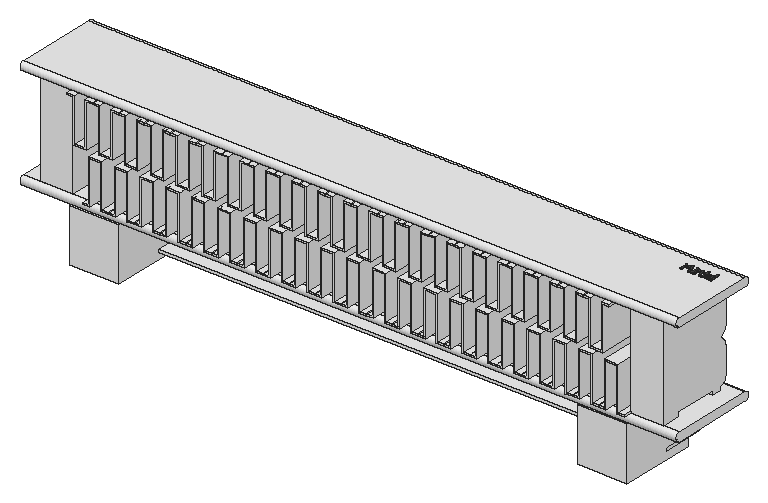
Revit family "Runtal R2F-1", category Mechanical Equipment, host Face, Revit 2015 (continued)
Definition of nested family "Family Grilles"
  Lines and regions (mm)
    model lines
      curve 143: circle (210.82, 14.605, 0) r 1.27 normal (0, 0, 1)
      curve 144: circle (210.82, 5.715, 0) r 1.27 normal (0, 0, 1)
      curve 145: circle (215.9, 23.495, 0) r 1.27 normal (0, 0, 1)
      curve 146: circle (215.9, 14.605, 0) r 1.27 normal (0, 0, 1)
      curve 147: circle (215.9, 5.715, 0) r 1.27 normal (0, 0, 1)
      curve 148: circle (220.98, 23.495, 0) r 1.27 normal (0, 0, 1)
      curve 149: circle (220.98, 14.605, 0) r 1.27 normal (0, 0, 1)
      curve 150: circle (220.98, 5.715, 0) r 1.27 normal (0, 0, 1)
      curve 151: circle (226.06, 23.495, 0) r 1.27 normal (0, 0, 1)
      curve 152: circle (226.06, 14.605, 0) r 1.27 normal (0, 0, 1)
      curve 153: circle (226.06, 5.715, 0) r 1.27 normal (0, 0, 1)
      curve 154: circle (231.14, 23.495, 0) r 1.27 normal (0, 0, 1)
      curve 155: circle (231.14, 14.605, 0) r 1.27 normal (0, 0, 1)
      curve 156: circle (231.14, 5.715, 0) r 1.27 normal (0, 0, 1)
      curve 157: circle (236.22, 23.495, 0) r 1.27 normal (0, 0, 1)
      curve 158: circle (236.22, 14.605, 0) r 1.27 normal (0, 0, 1)
      curve 159: circle (236.22, 5.715, 0) r 1.27 normal (0, 0, 1)
      curve 160: circle (241.3, 23.495, 0) r 1.27 normal (0, 0, 1)
      curve 161: circle (241.3, 14.605, 0) r 1.27 normal (0, 0, 1)
      curve 162: circle (241.3, 5.715, 0) r 1.27 normal (0, 0, 1)
      curve 163: circle (246.38, 23.495, 0) r 1.27 normal (0, 0, 1)
      curve 164: circle (246.38, 14.605, 0) r 1.27 normal (0, 0, 1)
      curve 165: circle (246.38, 5.715, 0) r 1.27 normal (0, 0, 1)
      curve 166: circle (251.46, 23.495, 0) r 1.27 normal (0, 0, 1)
      curve 167: circle (251.46, 14.605, 0) r 1.27 normal (0, 0, 1)
      curve 168: circle (251.46, 5.715, 0) r 1.27 normal (0, 0, 1)
      curve 169: circle (256.54, 23.495, 0) r 1.27 normal (0, 0, 1)
      curve 170: circle (256.54, 14.605, 0) r 1.27 normal (0, 0, 1)
      curve 171: circle (256.54, 5.715, 0) r 1.27 normal (0, 0, 1)
      curve 172: circle (261.62, 23.495, 0) r 1.27 normal (0, 0, 1)
      curve 173: circle (261.62, 14.605, 0) r 1.27 normal (0, 0, 1)
      curve 174: circle (261.62, 5.715, 0) r 1.27 normal (0, 0, 1)
      curve 175: circle (266.7, 23.495, 0) r 1.27 normal (0, 0, 1)
      curve 176: circle (266.7, 14.605, 0) r 1.27 normal (0, 0, 1)
      curve 177: circle (266.7, 5.715, 0) r 1.27 normal (0, 0, 1)
      curve 178: circle (271.78, 23.495, 0) r 1.27 normal (0, 0, 1)
      curve 179: circle (271.78, 14.605, 0) r 1.27 normal (0, 0, 1)
      curve 180: circle (271.78, 5.715, 0) r 1.27 normal (0, 0, 1)
      curve 181: circle (276.86, 23.495, 0) r 1.27 normal (0, 0, 1)
      curve 182: circle (276.86, 14.605, 0) r 1.27 normal (0, 0, 1)
      curve 183: circle (276.86, 5.715, 0) r 1.27 normal (0, 0, 1)
      curve 184: circle (281.94, 23.495, 0) r 1.27 normal (0, 0, 1)
      curve 185: circle (281.94, 14.605, 0) r 1.27 normal (0, 0, 1)
      curve 186: circle (281.94, 5.715, 0) r 1.27 normal (0, 0, 1)
      curve 187: circle (287.02, 23.495, 0) r 1.27 normal (0, 0, 1)
      curve 188: circle (287.02, 14.605, 0) r 1.27 normal (0, 0, 1)
      curve 189: circle (287.02, 5.715, 0) r 1.27 normal (0, 0, 1)
      curve 190: circle (292.1, 23.495, 0) r 1.27 normal (0, 0, 1)
      curve 191: circle (292.1, 14.605, 0) r 1.27 normal (0, 0, 1)
      curve 192: circle (292.1, 5.715, 0) r 1.27 normal (0, 0, 1)
      curve 193: circle (297.18, 23.495, 0) r 1.27 normal (0, 0, 1)
      curve 194: circle (297.18, 14.605, 0) r 1.27 normal (0, 0, 1)
      curve 195: circle (297.18, 5.715, 0) r 1.27 normal (0, 0, 1)
      curve 196: circle (302.26, 23.495, 0) r 1.27 normal (0, 0, 1)
      curve 197: circle (302.26, 14.605, 0) r 1.27 normal (0, 0, 1)
      curve 198: circle (302.26, 5.715, 0) r 1.27 normal (0, 0, 1)
      curve 199: circle (307.34, 23.495, 0) r 1.27 normal (0, 0, 1)
      curve 200: circle (307.34, 14.605, 0) r 1.27 normal (0, 0, 1)
      curve 201: circle (307.34, 5.715, 0) r 1.27 normal (0, 0, 1)
      curve 202: circle (312.42, 23.495, 0) r 1.27 normal (0, 0, 1)
      curve 203: circle (312.42, 14.605, 0) r 1.27 normal (0, 0, 1)
      curve 204: circle (312.42, 5.715, 0) r 1.27 normal (0, 0, 1)
      curve 205: circle (317.5, 23.495, 0) r 1.27 normal (0, 0, 1)
      curve 206: circle (317.5, 14.605, 0) r 1.27 normal (0, 0, 1)
      curve 207: circle (317.5, 5.715, 0) r 1.27 normal (0, 0, 1)
      curve 208: circle (322.58, 23.495, 0) r 1.27 normal (0, 0, 1)
      curve 209: circle (322.58, 14.605, 0) r 1.27 normal (0, 0, 1)
      curve 210: circle (322.58, 5.715, 0) r 1.27 normal (0, 0, 1)
      curve 211: circle (327.66, 23.495, 0) r 1.27 normal (0, 0, 1)
      curve 212: circle (327.66, 14.605, 0) r 1.27 normal (0, 0, 1)
      curve 213: circle (327.66, 5.715, 0) r 1.27 normal (0, 0, 1)
      curve 214: circle (332.74, 23.495, 0) r 1.27 normal (0, 0, 1)
      curve 215: circle (332.74, 14.605, 0) r 1.27 normal (0, 0, 1)
      curve 216: circle (332.74, 5.715, 0) r 1.27 normal (0, 0, 1)
      curve 217: circle (337.82, 23.495, 0) r 1.27 normal (0, 0, 1)
      curve 218: circle (337.82, 14.605, 0) r 1.27 normal (0, 0, 1)
      curve 219: circle (337.82, 5.715, 0) r 1.27 normal (0, 0, 1)
      curve 220: circle (342.9, 23.495, 0) r 1.27 normal (0, 0, 1)
      curve 221: circle (342.9, 14.605, 0) r 1.27 normal (0, 0, 1)
      curve 222: circle (342.9, 5.715, 0) r 1.27 normal (0, 0, 1)
      curve 223: circle (347.98, 23.495, 0) r 1.27 normal (0, 0, 1)
      curve 224: circle (347.98, 14.605, 0) r 1.27 normal (0, 0, 1)
      curve 225: circle (347.98, 5.715, 0) r 1.27 normal (0, 0, 1)
      curve 226: circle (353.06, 23.495, 0) r 1.27 normal (0, 0, 1)
      curve 227: circle (353.06, 14.605, 0) r 1.27 normal (0, 0, 1)
      curve 228: circle (353.06, 5.715, 0) r 1.27 normal (0, 0, 1)
      curve 229: circle (358.14, 23.495, 0) r 1.27 normal (0, 0, 1)
      curve 230: circle (358.14, 14.605, 0) r 1.27 normal (0, 0, 1)
      curve 231: circle (358.14, 5.715, 0) r 1.27 normal (0, 0, 1)
      curve 232: circle (363.22, 23.495, 0) r 1.27 normal (0, 0, 1)
      curve 233: circle (363.22, 14.605, 0) r 1.27 normal (0, 0, 1)
      curve 234: circle (363.22, 5.715, 0) r 1.27 normal (0, 0, 1)
      curve 235: circle (368.3, 23.495, 0) r 1.27 normal (0, 0, 1)
      curve 236: circle (368.3, 14.605, 0) r 1.27 normal (0, 0, 1)
      curve 237: circle (368.3, 5.715, 0) r 1.27 normal (0, 0, 1)
      curve 238: circle (373.38, 23.495, 0) r 1.27 normal (0, 0, 1)
      curve 239: circle (373.38, 14.605, 0) r 1.27 normal (0, 0, 1)
      curve 240: circle (373.38, 5.715, 0) r 1.27 normal (0, 0, 1)
      curve 241: circle (378.46, 23.495, 0) r 1.27 normal (0, 0, 1)
      curve 242: circle (378.46, 14.605, 0) r 1.27 normal (0, 0, 1)
      curve 243: circle (378.46, 5.715, 0) r 1.27 normal (0, 0, 1)
      curve 244: circle (383.54, 23.495, 0) r 1.27 normal (0, 0, 1)
      curve 245: circle (383.54, 14.605, 0) r 1.27 normal (0, 0, 1)
      curve 246: circle (383.54, 5.715, 0) r 1.27 normal (0, 0, 1)
      curve 247: circle (388.62, 23.495, 0) r 1.27 normal (0, 0, 1)
      curve 248: circle (388.62, 14.605, 0) r 1.27 normal (0, 0, 1)
      curve 249: circle (388.62, 5.715, 0) r 1.27 normal (0, 0, 1)
      curve 250: circle (393.7, 23.495, 0) r 1.27 normal (0, 0, 1)
      curve 251: circle (393.7, 14.605, 0) r 1.27 normal (0, 0, 1)
      curve 252: circle (393.7, 5.715, 0) r 1.27 normal (0, 0, 1)
      curve 253: circle (398.78, 23.495, 0) r 1.27 normal (0, 0, 1)
      curve 254: circle (398.78, 14.605, 0) r 1.27 normal (0, 0, 1)
      curve 255: circle (398.78, 5.715, 0) r 1.27 normal (0, 0, 1)
      curve 256: circle (403.86, 23.495, 0) r 1.27 normal (0, 0, 1)
      curve 257: circle (403.86, 14.605, 0) r 1.27 normal (0, 0, 1)
      curve 258: circle (403.86, 5.715, 0) r 1.27 normal (0, 0, 1)
      curve 259: circle (408.94, 23.495, 0) r 1.27 normal (0, 0, 1)
      curve 260: circle (408.94, 14.605, 0) r 1.27 normal (0, 0, 1)
      curve 261: circle (408.94, 5.715, 0) r 1.27 normal (0, 0, 1)
      curve 262: circle (414.02, 23.495, 0) r 1.27 normal (0, 0, 1)
      curve 263: circle (414.02, 14.605, 0) r 1.27 normal (0, 0, 1)
      curve 264: circle (414.02, 5.715, 0) r 1.27 normal (0, 0, 1)
      curve 265: circle (419.1, 23.495, 0) r 1.27 normal (0, 0, 1)
      curve 266: circle (419.1, 14.605, 0) r 1.27 normal (0, 0, 1)
      curve 267: circle (419.1, 5.715, 0) r 1.27 normal (0, 0, 1)
      curve 268: circle (424.18, 23.495, 0) r 1.27 normal (0, 0, 1)
      curve 269: circle (424.18, 14.605, 0) r 1.27 normal (0, 0, 1)
      curve 270: circle (424.18, 5.715, 0) r 1.27 normal (0, 0, 1)
      curve 271: circle (429.26, 23.495, 0) r 1.27 normal (0, 0, 1)
      curve 272: circle (429.26, 14.605, 0) r 1.27 normal (0, 0, 1)
      curve 273: circle (429.26, 5.715, 0) r 1.27 normal (0, 0, 1)
      curve 274: circle (25.4, 19.05, 0) r 1.27 normal (0, 0, 1)
      curve 275: circle (25.4, 10.16, 0) r 1.27 normal (0, 0, 1)
      curve 276: circle (25.4, 1.27, 0) r 1.27 normal (0, 0, 1)
      curve 277: circle (30.48, 19.05, 0) r 1.27 normal (0, 0, 1)
      curve 278: circle (30.48, 10.16, 0) r 1.27 normal (0, 0, 1)
      curve 279: circle (30.48, 1.27, 0) r 1.27 normal (0, 0, 1)
      curve 280: circle (35.56, 19.05, 0) r 1.27 normal (0, 0, 1)
      curve 281: circle (35.56, 10.16, 0) r 1.27 normal (0, 0, 1)
      curve 282: circle (35.56, 1.27, 0) r 1.27 normal (0, 0, 1)
      curve 283: circle (40.64, 19.05, 0) r 1.27 normal (0, 0, 1)
      curve 284: circle (40.64, 10.16, 0) r 1.27 normal (0, 0, 1)
      curve 285: circle (40.64, 1.27, 0) r 1.27 normal (0, 0, 1)
      curve 286: circle (45.72, 19.05, 0) r 1.27 normal (0, 0, 1)
      curve 287: circle (45.72, 10.16, 0) r 1.27 normal (0, 0, 1)
      curve 288: circle (45.72, 1.27, 0) r 1.27 normal (0, 0, 1)
      curve 289: circle (50.8, 19.05, 0) r 1.27 normal (0, 0, 1)
      curve 290: circle (50.8, 10.16, 0) r 1.27 normal (0, 0, 1)
      curve 291: circle (50.8, 1.27, 0) r 1.27 normal (0, 0, 1)
      curve 292: circle (55.88, 19.05, 0) r 1.27 normal (0, 0, 1)
      curve 293: circle (55.88, 10.16, 0) r 1.27 normal (0, 0, 1)
      curve 294: circle (55.88, 1.27, 0) r 1.27 normal (0, 0, 1)
      curve 295: circle (60.96, 19.05, 0) r 1.27 normal (0, 0, 1)
      curve 296: circle (60.96, 10.16, 0) r 1.27 normal (0, 0, 1)
      curve 297: circle (60.96, 1.27, 0) r 1.27 normal (0, 0, 1)
      curve 298: circle (66.04, 19.05, 0) r 1.27 normal (0, 0, 1)
      curve 299: circle (66.04, 10.16, 0) r 1.27 normal (0, 0, 1)
      curve 300: circle (66.04, 1.27, 0) r 1.27 normal (0, 0, 1)
      curve 301: circle (71.12, 19.05, 0) r 1.27 normal (0, 0, 1)
      curve 302: circle (71.12, 10.16, 0) r 1.27 normal (0, 0, 1)
      curve 303: circle (71.12, 1.27, 0) r 1.27 normal (0, 0, 1)
      curve 304: circle (76.2, 19.05, 0) r 1.27 normal (0, 0, 1)
      curve 305: circle (76.2, 10.16, 0) r 1.27 normal (0, 0, 1)
      curve 306: circle (76.2, 1.27, 0) r 1.27 normal (0, 0, 1)
      curve 307: circle (81.28, 19.05, 0) r 1.27 normal (0, 0, 1)
      curve 308: circle (81.28, 10.16, 0) r 1.27 normal (0, 0, 1)
      curve 309: circle (81.28, 1.27, 0) r 1.27 normal (0, 0, 1)
      curve 310: circle (86.36, 19.05, 0) r 1.27 normal (0, 0, 1)
      curve 311: circle (86.36, 10.16, 0) r 1.27 normal (0, 0, 1)
      curve 312: circle (86.36, 1.27, 0) r 1.27 normal (0, 0, 1)
      curve 313: circle (91.44, 19.05, 0) r 1.27 normal (0, 0, 1)
      curve 314: circle (91.44, 10.16, 0) r 1.27 normal (0, 0, 1)
      curve 315: circle (91.44, 1.27, 0) r 1.27 normal (0, 0, 1)
      curve 316: circle (96.52, 19.05, 0) r 1.27 normal (0, 0, 1)
      curve 317: circle (96.52, 10.16, 0) r 1.27 normal (0, 0, 1)
      curve 318: circle (96.52, 1.27, 0) r 1.27 normal (0, 0, 1)
      curve 319: circle (101.6, 19.05, 0) r 1.27 normal (0, 0, 1)
      curve 320: circle (101.6, 10.16, 0) r 1.27 normal (0, 0, 1)
      curve 321: circle (101.6, 1.27, 0) r 1.27 normal (0, 0, 1)
      curve 322: circle (106.68, 19.05, 0) r 1.27 normal (0, 0, 1)
      curve 323: circle (106.68, 10.16, 0) r 1.27 normal (0, 0, 1)
      curve 324: circle (106.68, 1.27, 0) r 1.27 normal (0, 0, 1)
      curve 325: circle (111.76, 19.05, 0) r 1.27 normal (0, 0, 1)
      curve 326: circle (111.76, 10.16, 0) r 1.27 normal (0, 0, 1)
      curve 327: circle (111.76, 1.27, 0) r 1.27 normal (0, 0, 1)
      curve 328: circle (116.84, 19.05, 0) r 1.27 normal (0, 0, 1)
      curve 329: circle (116.84, 10.16, 0) r 1.27 normal (0, 0, 1)
      curve 330: circle (116.84, 1.27, 0) r 1.27 normal (0, 0, 1)
      curve 331: circle (121.92, 19.05, 0) r 1.27 normal (0, 0, 1)
      curve 332: circle (121.92, 10.16, 0) r 1.27 normal (0, 0, 1)
      curve 333: circle (121.92, 1.27, 0) r 1.27 normal (0, 0, 1)
      curve 334: circle (127, 19.05, 0) r 1.27 normal (0, 0, 1)
      curve 335: circle (127, 10.16, 0) r 1.27 normal (0, 0, 1)
      curve 336: circle (127, 1.27, 0) r 1.27 normal (0, 0, 1)
      curve 337: circle (132.08, 19.05, 0) r 1.27 normal (0, 0, 1)
      curve 338: circle (132.08, 10.16, 0) r 1.27 normal (0, 0, 1)
      curve 339: circle (132.08, 1.27, 0) r 1.27 normal (0, 0, 1)
      curve 340: circle (137.16, 19.05, 0) r 1.27 normal (0, 0, 1)
      curve 341: circle (137.16, 10.16, 0) r 1.27 normal (0, 0, 1)
      curve 342: circle (137.16, 1.27, 0) r 1.27 normal (0, 0, 1)
      curve 343: circle (142.24, 19.05, 0) r 1.27 normal (0, 0, 1)
      curve 344: circle (142.24, 10.16, 0) r 1.27 normal (0, 0, 1)
      curve 345: circle (142.24, 1.27, 0) r 1.27 normal (0, 0, 1)
      curve 346: circle (147.32, 19.05, 0) r 1.27 normal (0, 0, 1)
      curve 347: circle (147.32, 10.16, 0) r 1.27 normal (0, 0, 1)
      curve 348: circle (147.32, 1.27, 0) r 1.27 normal (0, 0, 1)
      curve 349: circle (152.4, 19.05, 0) r 1.27 normal (0, 0, 1)
      curve 350: circle (152.4, 10.16, 0) r 1.27 normal (0, 0, 1)
      curve 351: circle (152.4, 1.27, 0) r 1.27 normal (0, 0, 1)
      curve 352: circle (157.48, 19.05, 0) r 1.27 normal (0, 0, 1)
      curve 353: circle (157.48, 10.16, 0) r 1.27 normal (0, 0, 1)
      curve 354: circle (157.48, 1.27, 0) r 1.27 normal (0, 0, 1)
      curve 355: circle (162.56, 19.05, 0) r 1.27 normal (0, 0, 1)
      curve 356: circle (162.56, 10.16, 0) r 1.27 normal (0, 0, 1)
      curve 357: circle (162.56, 1.27, 0) r 1.27 normal (0, 0, 1)
      curve 358: circle (167.64, 19.05, 0) r 1.27 normal (0, 0, 1)
      curve 359: circle (167.64, 10.16, 0) r 1.27 normal (0, 0, 1)
      curve 360: circle (167.64, 1.27, 0) r 1.27 normal (0, 0, 1)
      curve 361: circle (172.72, 19.05, 0) r 1.27 normal (0, 0, 1)
      curve 362: circle (172.72, 10.16, 0) r 1.27 normal (0, 0, 1)
      curve 363: circle (172.72, 1.27, 0) r 1.27 normal (0, 0, 1)
      curve 364: circle (177.8, 19.05, 0) r 1.27 normal (0, 0, 1)
      curve 365: circle (177.8, 10.16, 0) r 1.27 normal (0, 0, 1)
      curve 366: circle (177.8, 1.27, 0) r 1.27 normal (0, 0, 1)
      curve 367: circle (182.88, 19.05, 0) r 1.27 normal (0, 0, 1)
      curve 368: circle (182.88, 10.16, 0) r 1.27 normal (0, 0, 1)
      curve 369: circle (182.88, 1.27, 0) r 1.27 normal (0, 0, 1)
      curve 370: circle (187.96, 19.05, 0) r 1.27 normal (0, 0, 1)
      curve 371: circle (187.96, 10.16, 0) r 1.27 normal (0, 0, 1)
      curve 372: circle (187.96, 1.27, 0) r 1.27 normal (0, 0, 1)
      curve 373: circle (193.04, 19.05, 0) r 1.27 normal (0, 0, 1)
      curve 374: circle (193.04, 10.16, 0) r 1.27 normal (0, 0, 1)
      curve 375: circle (193.04, 1.27, 0) r 1.27 normal (0, 0, 1)
      curve 376: circle (198.12, 19.05, 0) r 1.27 normal (0, 0, 1)
      curve 377: circle (198.12, 10.16, 0) r 1.27 normal (0, 0, 1)
      curve 378: circle (198.12, 1.27, 0) r 1.27 normal (0, 0, 1)
      curve 379: circle (203.2, 19.05, 0) r 1.27 normal (0, 0, 1)
      curve 380: circle (203.2, 10.16, 0) r 1.27 normal (0, 0, 1)
      curve 381: circle (203.2, 1.27, 0) r 1.27 normal (0, 0, 1)
      curve 382: circle (208.28, 19.05, 0) r 1.27 normal (0, 0, 1)
      curve 383: circle (208.28, 10.16, 0) r 1.27 normal (0, 0, 1)
      curve 384: circle (208.28, 1.27, 0) r 1.27 normal (0, 0, 1)
      curve 385: circle (213.36, 19.05, 0) r 1.27 normal (0, 0, 1)
      curve 386: circle (213.36, 10.16, 0) r 1.27 normal (0, 0, 1)
      curve 387: circle (213.36, 1.27, 0) r 1.27 normal (0, 0, 1)
      curve 388: circle (218.44, 19.05, 0) r 1.27 normal (0, 0, 1)
      curve 389: circle (218.44, 10.16, 0) r 1.27 normal (0, 0, 1)
      curve 390: circle (218.44, 1.27, 0) r 1.27 normal (0, 0, 1)
      curve 391: circle (223.52, 19.05, 0) r 1.27 normal (0, 0, 1)
      curve 392: circle (223.52, 10.16, 0) r 1.27 normal (0, 0, 1)
      curve 393: circle (223.52, 1.27, 0) r 1.27 normal (0, 0, 1)
      curve 394: circle (228.6, 19.05, 0) r 1.27 normal (0, 0, 1)
      curve 395: circle (228.6, 10.16, 0) r 1.27 normal (0, 0, 1)
      curve 396: circle (228.6, 1.27, 0) r 1.27 normal (0, 0, 1)
      curve 397: circle (233.68, 19.05, 0) r 1.27 normal (0, 0, 1)
      curve 398: circle (233.68, 10.16, 0) r 1.27 normal (0, 0, 1)
      curve 399: circle (233.68, 1.27, 0) r 1.27 normal (0, 0, 1)
      curve 400: circle (238.76, 19.05, 0) r 1.27 normal (0, 0, 1)
      curve 401: circle (238.76, 10.16, 0) r 1.27 normal (0, 0, 1)
      curve 402: circle (238.76, 1.27, 0) r 1.27 normal (0, 0, 1)
      curve 403: circle (243.84, 19.05, 0) r 1.27 normal (0, 0, 1)
      curve 404: circle (243.84, 10.16, 0) r 1.27 normal (0, 0, 1)
      curve 405: circle (243.84, 1.27, 0) r 1.27 normal (0, 0, 1)
      curve 406: circle (248.92, 19.05, 0) r 1.27 normal (0, 0, 1)
      curve 407: circle (248.92, 10.16, 0) r 1.27 normal (0, 0, 1)
      curve 408: circle (248.92, 1.27, 0) r 1.27 normal (0, 0, 1)
      curve 409: circle (254, 19.05, 0) r 1.27 normal (0, 0, 1)
      curve 410: circle (254, 10.16, 0) r 1.27 normal (0, 0, 1)
      curve 411: circle (254, 1.27, 0) r 1.27 normal (0, 0, 1)
      curve 412: circle (259.08, 19.05, 0) r 1.27 normal (0, 0, 1)
      curve 413: circle (259.08, 10.16, 0) r 1.27 normal (0, 0, 1)
      curve 414: circle (259.08, 1.27, 0) r 1.27 normal (0, 0, 1)
      curve 415: circle (264.16, 19.05, 0) r 1.27 normal (0, 0, 1)
      curve 416: circle (264.16, 10.16, 0) r 1.27 normal (0, 0, 1)
      curve 417: circle (264.16, 1.27, 0) r 1.27 normal (0, 0, 1)
      curve 418: circle (269.24, 19.05, 0) r 1.27 normal (0, 0, 1)
      curve 419: circle (269.24, 10.16, 0) r 1.27 normal (0, 0, 1)
      curve 420: circle (269.24, 1.27, 0) r 1.27 normal (0, 0, 1)
      curve 421: circle (274.32, 19.05, 0) r 1.27 normal (0, 0, 1)
      curve 422: circle (274.32, 10.16, 0) r 1.27 normal (0, 0, 1)
      curve 423: circle (274.32, 1.27, 0) r 1.27 normal (0, 0, 1)
      curve 424: circle (279.4, 19.05, 0) r 1.27 normal (0, 0, 1)
      curve 425: circle (279.4, 10.16, 0) r 1.27 normal (0, 0, 1)
      curve 426: circle (279.4, 1.27, 0) r 1.27 normal (0, 0, 1)
      curve 427: circle (284.48, 19.05, 0) r 1.27 normal (0, 0, 1)
      curve 428: circle (284.48, 10.16, 0) r 1.27 normal (0, 0, 1)
      curve 429: circle (284.48, 1.27, 0) r 1.27 normal (0, 0, 1)
      curve 430: circle (289.56, 19.05, 0) r 1.27 normal (0, 0, 1)
      curve 431: circle (289.56, 10.16, 0) r 1.27 normal (0, 0, 1)
      curve 432: circle (289.56, 1.27, 0) r 1.27 normal (0, 0, 1)
      curve 433: circle (294.64, 19.05, 0) r 1.27 normal (0, 0, 1)
      curve 434: circle (294.64, 10.16, 0) r 1.27 normal (0, 0, 1)
      curve 435: circle (294.64, 1.27, 0) r 1.27 normal (0, 0, 1)
      curve 436: circle (299.72, 19.05, 0) r 1.27 normal (0, 0, 1)
      curve 437: circle (299.72, 10.16, 0) r 1.27 normal (0, 0, 1)
      curve 438: circle (299.72, 1.27, 0) r 1.27 normal (0, 0, 1)
      curve 439: circle (304.8, 19.05, 0) r 1.27 normal (0, 0, 1)
      curve 440: circle (304.8, 10.16, 0) r 1.27 normal (0, 0, 1)
      curve 441: circle (304.8, 1.27, 0) r 1.27 normal (0, 0, 1)
      curve 442: circle (309.88, 19.05, 0) r 1.27 normal (0, 0, 1)
      curve 443: circle (309.88, 10.16, 0) r 1.27 normal (0, 0, 1)
      curve 444: circle (309.88, 1.27, 0) r 1.27 normal (0, 0, 1)
      curve 445: circle (314.96, 19.05, 0) r 1.27 normal (0, 0, 1)
      curve 446: circle (314.96, 10.16, 0) r 1.27 normal (0, 0, 1)
      curve 447: circle (314.96, 1.27, 0) r 1.27 normal (0, 0, 1)
      curve 448: circle (320.04, 19.05, 0) r 1.27 normal (0, 0, 1)
      curve 449: circle (320.04, 10.16, 0) r 1.27 normal (0, 0, 1)
      curve 450: circle (320.04, 1.27, 0) r 1.27 normal (0, 0, 1)
      curve 451: circle (325.12, 19.05, 0) r 1.27 normal (0, 0, 1)
      curve 452: circle (325.12, 10.16, 0) r 1.27 normal (0, 0, 1)
      curve 453: circle (325.12, 1.27, 0) r 1.27 normal (0, 0, 1)
      curve 454: circle (330.2, 19.05, 0) r 1.27 normal (0, 0, 1)
      curve 455: circle (330.2, 10.16, 0) r 1.27 normal (0, 0, 1)
      curve 456: circle (330.2, 1.27, 0) r 1.27 normal (0, 0, 1)
      curve 457: circle (335.28, 19.05, 0) r 1.27 normal (0, 0, 1)
      curve 458: circle (335.28, 10.16, 0) r 1.27 normal (0, 0, 1)
      curve 459: circle (335.28, 1.27, 0) r 1.27 normal (0, 0, 1)
      curve 460: circle (340.36, 19.05, 0) r 1.27 normal (0, 0, 1)
      curve 461: circle (340.36, 10.16, 0) r 1.27 normal (0, 0, 1)
      curve 462: circle (340.36, 1.27, 0) r 1.27 normal (0, 0, 1)
      curve 463: circle (345.44, 19.05, 0) r 1.27 normal (0, 0, 1)
      curve 464: circle (345.44, 10.16, 0) r 1.27 normal (0, 0, 1)
      curve 465: circle (345.44, 1.27, 0) r 1.27 normal (0, 0, 1)
      curve 466: circle (350.52, 19.05, 0) r 1.27 normal (0, 0, 1)
      curve 467: circle (350.52, 10.16, 0) r 1.27 normal (0, 0, 1)
      curve 468: circle (350.52, 1.27, 0) r 1.27 normal (0, 0, 1)
      curve 469: circle (355.6, 19.05, 0) r 1.27 normal (0, 0, 1)
      curve 470: circle (355.6, 10.16, 0) r 1.27 normal (0, 0, 1)
      curve 471: circle (355.6, 1.27, 0) r 1.27 normal (0, 0, 1)
      curve 472: circle (360.68, 19.05, 0) r 1.27 normal (0, 0, 1)
      curve 473: circle (360.68, 10.16, 0) r 1.27 normal (0, 0, 1)
      curve 474: circle (360.68, 1.27, 0) r 1.27 normal (0, 0, 1)
      curve 475: circle (365.76, 19.05, 0) r 1.27 normal (0, 0, 1)
      curve 476: circle (365.76, 10.16, 0) r 1.27 normal (0, 0, 1)
      curve 477: circle (365.76, 1.27, 0) r 1.27 normal (0, 0, 1)
      curve 478: circle (370.84, 19.05, 0) r 1.27 normal (0, 0, 1)
      curve 479: circle (370.84, 10.16, 0) r 1.27 normal (0, 0, 1)
      curve 480: circle (370.84, 1.27, 0) r 1.27 normal (0, 0, 1)
      curve 481: circle (375.92, 19.05, 0) r 1.27 normal (0, 0, 1)
      curve 482: circle (375.92, 10.16, 0) r 1.27 normal (0, 0, 1)
      curve 483: circle (375.92, 1.27, 0) r 1.27 normal (0, 0, 1)
      curve 484: circle (381, 19.05, 0) r 1.27 normal (0, 0, 1)
      curve 485: circle (381, 10.16, 0) r 1.27 normal (0, 0, 1)
      curve 486: circle (381, 1.27, 0) r 1.27 normal (0, 0, 1)
      curve 487: circle (386.08, 19.05, 0) r 1.27 normal (0, 0, 1)
      curve 488: circle (386.08, 10.16, 0) r 1.27 normal (0, 0, 1)
      curve 489: circle (386.08, 1.27, 0) r 1.27 normal (0, 0, 1)
      curve 490: circle (391.16, 19.05, 0) r 1.27 normal (0, 0, 1)
      curve 491: circle (391.16, 10.16, 0) r 1.27 normal (0, 0, 1)
      curve 492: circle (391.16, 1.27, 0) r 1.27 normal (0, 0, 1)
      curve 493: circle (396.24, 19.05, 0) r 1.27 normal (0, 0, 1)
      curve 494: circle (396.24, 10.16, 0) r 1.27 normal (0, 0, 1)
      curve 495: circle (396.24, 1.27, 0) r 1.27 normal (0, 0, 1)
      curve 496: circle (401.32, 19.05, 0) r 1.27 normal (0, 0, 1)
      curve 497: circle (401.32, 10.16, 0) r 1.27 normal (0, 0, 1)
      curve 498: circle (401.32, 1.27, 0) r 1.27 normal (0, 0, 1)
      curve 499: circle (406.4, 19.05, 0) r 1.27 normal (0, 0, 1)
      curve 500: circle (406.4, 10.16, 0) r 1.27 normal (0, 0, 1)
      curve 501: circle (406.4, 1.27, 0) r 1.27 normal (0, 0, 1)
      curve 502: circle (411.48, 19.05, 0) r 1.27 normal (0, 0, 1)
      curve 503: circle (411.48, 10.16, 0) r 1.27 normal (0, 0, 1)
      curve 504: circle (411.48, 1.27, 0) r 1.27 normal (0, 0, 1)
      curve 505: circle (416.56, 19.05, 0) r 1.27 normal (0, 0, 1)
      curve 506: circle (416.56, 10.16, 0) r 1.27 normal (0, 0, 1)
      curve 507: circle (416.56, 1.27, 0) r 1.27 normal (0, 0, 1)
      curve 508: circle (421.64, 19.05, 0) r 1.27 normal (0, 0, 1)
      curve 509: circle (421.64, 10.16, 0) r 1.27 normal (0, 0, 1)
      curve 510: circle (421.64, 1.27, 0) r 1.27 normal (0, 0, 1)
      curve 511: circle (426.72, 19.05, 0) r 1.27 normal (0, 0, 1)
      curve 512: circle (426.72, 10.16, 0) r 1.27 normal (0, 0, 1)
      curve 513: circle (426.72, 1.27, 0) r 1.27 normal (0, 0, 1)
    model lines, not visible
      curve 7: circle (2.54, 23.495, 0) r 1.27 normal (0, 0, 1)
      curve 8: circle (2.54, 14.605, 0) r 1.27 normal (0, 0, 1)
      curve 9: circle (2.54, 5.715, 0) r 1.27 normal (0, 0, 1)
      curve 10: circle (5.08, 19.05, 0) r 1.27 normal (0, 0, 1)
      curve 11: circle (5.08, 10.16, 0) r 1.27 normal (0, 0, 1)
      curve 12: circle (5.08, 1.27, 0) r 1.27 normal (0, 0, 1)
  Dimensions and locks
    "finLength": plane 3 "Center (Left/Right)" to plane 4
    equal spacing: group 1, group 5, group 9, group 10, group 11, group 12, group 13, group 14, group 15, group 16, group 17, group 18, group 19, group 20, group 21, group 22, group 23, group 24, group 25, group 26, group 27, group 28, group 29, group 30, group 31, group 32, group 33, group 34, group 35, group 36, group 37, group 38, group 39, group 40, group 41, group 42, group 43, group 44, group 45, group 46, group 47, group 48, group 49, group 50, group 51, group 52, group 53, group 54, group 55, group 56, group 57, group 58, group 59, group 60, group 61, group 62, group 63, group 64, group 65, group 66, group 67, group 68, group 69, group 70, group 71, group 72, group 73, group 74, group 75, group 76, group 77, group 78, group 79, group 80, group 81, group 82, group 83, group 84, group 85, group 86, group 87, group 88, group 89, group 90, group 91  (x3)
    equal spacing: group 3, group 6, group 7, group 8, group 92, group 93, group 94, group 95, group 96, group 97, group 98, group 99, group 100, group 101, group 102, group 103, group 104, group 105, group 106, group 107, group 108, group 109, group 110, group 111, group 112, group 113, group 114, group 115, group 116, group 117, group 118, group 119, group 120, group 121, group 122, group 123, group 124, group 125, group 126, group 127, group 128, group 129, group 130, group 131, group 132, group 133, group 134, group 135, group 136, group 137, group 138, group 139, group 140, group 141, group 142, group 143, group 144, group 145, group 146, group 147, group 148, group 149, group 150, group 151, group 152, group 153, group 154, group 155, group 156, group 157, group 158, group 159, group 160, group 161, group 162, group 163, group 164, group 165, group 166, group 167, group 168, group 169, group 170, group 171  (x3)
    aligned and locked: plane 2 to Extrusion 1
    aligned and locked: level to Extrusion 1
  Automatic sketch dimensions
    Extrusion 1 sketch curve to Extrusion 1 sketch curve = 2438.400 mm  (x2)
    curve 1 to curve 2 = 0.000 mm
    curve 2 to curve 1 = 8.890 mm
    curve 3 to curve 2 = 0.000 mm
    curve 3 to curve 2 = 8.890 mm
    curve 7 to curve 8 = 0.000 mm
    curve 8 to curve 7 = 8.890 mm
    curve 9 to curve 8 = 0.000 mm
    curve 9 to curve 8 = 8.890 mm
    curve 4 to curve 5 = 0.000 mm
    curve 5 to curve 4 = 8.890 mm
    curve 6 to curve 5 = 0.000 mm
    curve 6 to curve 5 = 8.890 mm
    curve 10 to curve 11 = 0.000 mm
    curve 11 to curve 10 = 8.890 mm
    curve 12 to curve 11 = 0.000 mm
    curve 12 to curve 11 = 8.890 mm
    curve 13 to curve 14 = 0.000 mm
    curve 14 to curve 13 = 8.890 mm
    curve 15 to curve 14 = 0.000 mm
    curve 15 to curve 14 = 8.890 mm
    curve 16 to curve 17 = 0.000 mm
    curve 17 to curve 16 = 8.890 mm
    curve 18 to curve 17 = 0.000 mm
    curve 18 to curve 17 = 8.890 mm
    curve 19 to curve 20 = 0.000 mm
    curve 20 to curve 19 = 8.890 mm
    curve 21 to curve 20 = 0.000 mm
    curve 21 to curve 20 = 8.890 mm
    curve 22 to curve 23 = 0.000 mm
    curve 23 to curve 22 = 8.890 mm
    curve 24 to curve 23 = 0.000 mm
    curve 24 to curve 23 = 8.890 mm
    curve 25 to curve 26 = 0.000 mm
    curve 26 to curve 25 = 8.890 mm
    curve 27 to curve 26 = 0.000 mm
    curve 27 to curve 26 = 8.890 mm
    curve 28 to curve 29 = 0.000 mm
    curve 29 to curve 28 = 8.890 mm
    curve 30 to curve 29 = 0.000 mm
    curve 30 to curve 29 = 8.890 mm
    curve 31 to curve 32 = 0.000 mm
    curve 32 to curve 31 = 8.890 mm
    curve 33 to curve 32 = 0.000 mm
    curve 33 to curve 32 = 8.890 mm
    curve 34 to curve 35 = 0.000 mm
    curve 35 to curve 34 = 8.890 mm
    curve 36 to curve 35 = 0.000 mm
    curve 36 to curve 35 = 8.890 mm
    curve 37 to curve 38 = 0.000 mm
    curve 38 to curve 37 = 8.890 mm
    curve 39 to curve 38 = 0.000 mm
    curve 39 to curve 38 = 8.890 mm
    curve 40 to curve 41 = 0.000 mm
    curve 41 to curve 40 = 8.890 mm
    curve 42 to curve 41 = 0.000 mm
    curve 42 to curve 41 = 8.890 mm
    curve 43 to curve 44 = 0.000 mm
    curve 44 to curve 43 = 8.890 mm
    curve 45 to curve 44 = 0.000 mm
    curve 45 to curve 44 = 8.890 mm
    curve 46 to curve 47 = 0.000 mm
    curve 47 to curve 46 = 8.890 mm
    curve 48 to curve 47 = 0.000 mm
    curve 48 to curve 47 = 8.890 mm
    curve 49 to curve 50 = 0.000 mm
    curve 50 to curve 49 = 8.890 mm
    curve 51 to curve 50 = 0.000 mm
    curve 51 to curve 50 = 8.890 mm
    curve 52 to curve 53 = 0.000 mm
    curve 53 to curve 52 = 8.890 mm
    curve 54 to curve 53 = 0.000 mm
    curve 54 to curve 53 = 8.890 mm
    curve 55 to curve 56 = 0.000 mm
    curve 56 to curve 55 = 8.890 mm
    curve 57 to curve 56 = 0.000 mm
    curve 57 to curve 56 = 8.890 mm
    curve 58 to curve 59 = 0.000 mm
    curve 59 to curve 58 = 8.890 mm
    curve 60 to curve 59 = 0.000 mm
    curve 60 to curve 59 = 8.890 mm
    curve 61 to curve 62 = 0.000 mm
    curve 62 to curve 61 = 8.890 mm
    curve 63 to curve 62 = 0.000 mm
    curve 63 to curve 62 = 8.890 mm
    curve 64 to curve 65 = 0.000 mm
    curve 65 to curve 64 = 8.890 mm
    curve 66 to curve 65 = 0.000 mm
    curve 66 to curve 65 = 8.890 mm
    curve 67 to curve 68 = 0.000 mm
    curve 68 to curve 67 = 8.890 mm
    curve 69 to curve 68 = 0.000 mm
    curve 69 to curve 68 = 8.890 mm
    curve 70 to curve 71 = 0.000 mm
    curve 71 to curve 70 = 8.890 mm
    curve 72 to curve 71 = 0.000 mm
    curve 72 to curve 71 = 8.890 mm
    curve 73 to curve 74 = 0.000 mm
    curve 74 to curve 73 = 8.890 mm
    curve 75 to curve 74 = 0.000 mm
    curve 75 to curve 74 = 8.890 mm
    curve 76 to curve 77 = 0.000 mm
    curve 77 to curve 76 = 8.890 mm
    curve 78 to curve 77 = 0.000 mm
    curve 78 to curve 77 = 8.890 mm
    curve 79 to curve 80 = 0.000 mm
    curve 80 to curve 79 = 8.890 mm
    curve 81 to curve 80 = 0.000 mm
    curve 81 to curve 80 = 8.890 mm
    curve 82 to curve 83 = 0.000 mm
    curve 83 to curve 82 = 8.890 mm
    curve 84 to curve 83 = 0.000 mm
    curve 84 to curve 83 = 8.890 mm
    curve 85 to curve 86 = 0.000 mm
    curve 86 to curve 85 = 8.890 mm
    curve 87 to curve 86 = 0.000 mm
    curve 87 to curve 86 = 8.890 mm
    curve 88 to curve 89 = 0.000 mm
    curve 89 to curve 88 = 8.890 mm
    curve 90 to curve 89 = 0.000 mm
    curve 90 to curve 89 = 8.890 mm
    curve 91 to curve 92 = 0.000 mm
    curve 92 to curve 91 = 8.890 mm
    curve 93 to curve 92 = 0.000 mm
    curve 93 to curve 92 = 8.890 mm
    curve 94 to curve 95 = 0.000 mm
    curve 95 to curve 94 = 8.890 mm
    curve 96 to curve 95 = 0.000 mm
    curve 96 to curve 95 = 8.890 mm
    curve 97 to curve 98 = 0.000 mm
    curve 98 to curve 97 = 8.890 mm
    curve 99 to curve 98 = 0.000 mm
    curve 99 to curve 98 = 8.890 mm
    curve 100 to curve 101 = 0.000 mm
    curve 101 to curve 100 = 8.890 mm
    curve 102 to curve 101 = 0.000 mm
    curve 102 to curve 101 = 8.890 mm
    curve 103 to curve 104 = 0.000 mm
    curve 104 to curve 103 = 8.890 mm
    curve 105 to curve 104 = 0.000 mm
    curve 105 to curve 104 = 8.890 mm
    curve 106 to curve 107 = 0.000 mm
    curve 107 to curve 106 = 8.890 mm
    curve 108 to curve 107 = 0.000 mm
    curve 108 to curve 107 = 8.890 mm
    curve 109 to curve 110 = 0.000 mm
    curve 110 to curve 109 = 8.890 mm
    curve 111 to curve 110 = 0.000 mm
    curve 111 to curve 110 = 8.890 mm
    curve 112 to curve 113 = 0.000 mm
    curve 113 to curve 112 = 8.890 mm
    curve 114 to curve 113 = 0.000 mm
    curve 114 to curve 113 = 8.890 mm
    curve 115 to curve 116 = 0.000 mm
    curve 116 to curve 115 = 8.890 mm
    curve 117 to curve 116 = 0.000 mm
    curve 117 to curve 116 = 8.890 mm
    curve 118 to curve 119 = 0.000 mm
    curve 119 to curve 118 = 8.890 mm
    curve 120 to curve 119 = 0.000 mm
    curve 120 to curve 119 = 8.890 mm
    curve 121 to curve 122 = 0.000 mm
    curve 122 to curve 121 = 8.890 mm
    curve 123 to curve 122 = 0.000 mm
    curve 123 to curve 122 = 8.890 mm
    curve 124 to curve 125 = 0.000 mm
    curve 125 to curve 124 = 8.890 mm
    curve 126 to curve 125 = 0.000 mm
    curve 126 to curve 125 = 8.890 mm
    curve 127 to curve 128 = 0.000 mm
    curve 128 to curve 127 = 8.890 mm
    curve 129 to curve 128 = 0.000 mm
    curve 129 to curve 128 = 8.890 mm
    curve 130 to curve 131 = 0.000 mm
    curve 131 to curve 130 = 8.890 mm
    curve 132 to curve 131 = 0.000 mm
    curve 132 to curve 131 = 8.890 mm
    curve 133 to curve 134 = 0.000 mm
    curve 134 to curve 133 = 8.890 mm
    curve 135 to curve 134 = 0.000 mm
    curve 135 to curve 134 = 8.890 mm
    curve 136 to curve 137 = 0.000 mm
    curve 137 to curve 136 = 8.890 mm
    curve 138 to curve 137 = 0.000 mm
    curve 138 to curve 137 = 8.890 mm
    curve 139 to curve 140 = 0.000 mm
    curve 140 to curve 139 = 8.890 mm
    curve 141 to curve 140 = 0.000 mm
    curve 141 to curve 140 = 8.890 mm
    curve 142 to curve 143 = 0.000 mm
    curve 143 to curve 142 = 8.890 mm
    curve 144 to curve 143 = 0.000 mm
    curve 144 to curve 143 = 8.890 mm
    curve 145 to curve 146 = 0.000 mm
    curve 146 to curve 145 = 8.890 mm
    curve 147 to curve 146 = 0.000 mm
    curve 147 to curve 146 = 8.890 mm
    curve 148 to curve 149 = 0.000 mm
    curve 149 to curve 148 = 8.890 mm
    curve 150 to curve 149 = 0.000 mm
    curve 150 to curve 149 = 8.890 mm
    curve 151 to curve 152 = 0.000 mm
    curve 152 to curve 151 = 8.890 mm
    curve 153 to curve 152 = 0.000 mm
    curve 153 to curve 152 = 8.890 mm
    curve 154 to curve 155 = 0.000 mm
    curve 155 to curve 154 = 8.890 mm
    curve 156 to curve 155 = 0.000 mm
    curve 156 to curve 155 = 8.890 mm
    curve 157 to curve 158 = 0.000 mm
    curve 158 to curve 157 = 8.890 mm
    curve 159 to curve 158 = 0.000 mm
    curve 159 to curve 158 = 8.890 mm
    curve 160 to curve 161 = 0.000 mm
    curve 161 to curve 160 = 8.890 mm
    curve 162 to curve 161 = 0.000 mm
    curve 162 to curve 161 = 8.890 mm
    curve 163 to curve 164 = 0.000 mm
    curve 164 to curve 163 = 8.890 mm
    curve 165 to curve 164 = 0.000 mm
    curve 165 to curve 164 = 8.890 mm
    curve 166 to curve 167 = 0.000 mm
    curve 167 to curve 166 = 8.890 mm
    curve 168 to curve 167 = 0.000 mm
    curve 168 to curve 167 = 8.890 mm
    curve 169 to curve 170 = 0.000 mm
    curve 170 to curve 169 = 8.890 mm
    curve 171 to curve 170 = 0.000 mm
    curve 171 to curve 170 = 8.890 mm
    curve 172 to curve 173 = 0.000 mm
    curve 173 to curve 172 = 8.890 mm
    curve 174 to curve 173 = 0.000 mm
    curve 174 to curve 173 = 8.890 mm
    curve 175 to curve 176 = 0.000 mm
    curve 176 to curve 175 = 8.890 mm
    curve 177 to curve 176 = 0.000 mm
    curve 177 to curve 176 = 8.890 mm
    curve 178 to curve 179 = 0.000 mm
    curve 179 to curve 178 = 8.890 mm
    curve 180 to curve 179 = 0.000 mm
    curve 180 to curve 179 = 8.890 mm
    curve 181 to curve 182 = 0.000 mm
    curve 182 to curve 181 = 8.890 mm
    curve 183 to curve 182 = 0.000 mm
    curve 183 to curve 182 = 8.890 mm
    curve 184 to curve 185 = 0.000 mm
    curve 185 to curve 184 = 8.890 mm
    curve 186 to curve 185 = 0.000 mm
    curve 186 to curve 185 = 8.890 mm
    curve 187 to curve 188 = 0.000 mm
    curve 188 to curve 187 = 8.890 mm
    curve 189 to curve 188 = 0.000 mm
    curve 189 to curve 188 = 8.890 mm
    curve 190 to curve 191 = 0.000 mm
    curve 191 to curve 190 = 8.890 mm
    curve 192 to curve 191 = 0.000 mm
    curve 192 to curve 191 = 8.890 mm
    curve 193 to curve 194 = 0.000 mm
    curve 194 to curve 193 = 8.890 mm
    curve 195 to curve 194 = 0.000 mm
    curve 195 to curve 194 = 8.890 mm
    curve 196 to curve 197 = 0.000 mm
    curve 197 to curve 196 = 8.890 mm
    curve 198 to curve 197 = 0.000 mm
    curve 198 to curve 197 = 8.890 mm
    curve 199 to curve 200 = 0.000 mm
    curve 200 to curve 199 = 8.890 mm
    curve 201 to curve 200 = 0.000 mm
    curve 201 to curve 200 = 8.890 mm
    curve 202 to curve 203 = 0.000 mm
    curve 203 to curve 202 = 8.890 mm
    curve 204 to curve 203 = 0.000 mm
    curve 204 to curve 203 = 8.890 mm
    curve 205 to curve 206 = 0.000 mm
    curve 206 to curve 205 = 8.890 mm
    curve 207 to curve 206 = 0.000 mm
    curve 207 to curve 206 = 8.890 mm
    curve 208 to curve 209 = 0.000 mm
    curve 209 to curve 208 = 8.890 mm
    curve 210 to curve 209 = 0.000 mm
    curve 210 to curve 209 = 8.890 mm
    curve 211 to curve 212 = 0.000 mm
    curve 212 to curve 211 = 8.890 mm
    curve 213 to curve 212 = 0.000 mm
    curve 213 to curve 212 = 8.890 mm
    curve 214 to curve 215 = 0.000 mm
    curve 215 to curve 214 = 8.890 mm
    curve 216 to curve 215 = 0.000 mm
    curve 216 to curve 215 = 8.890 mm
    curve 217 to curve 218 = 0.000 mm
    curve 218 to curve 217 = 8.890 mm
    curve 219 to curve 218 = 0.000 mm
    curve 219 to curve 218 = 8.890 mm
    curve 220 to curve 221 = 0.000 mm
    curve 221 to curve 220 = 8.890 mm
    curve 222 to curve 221 = 0.000 mm
    curve 222 to curve 221 = 8.890 mm
    curve 223 to curve 224 = 0.000 mm
    curve 224 to curve 223 = 8.890 mm
    curve 225 to curve 224 = 0.000 mm
    curve 225 to curve 224 = 8.890 mm
    curve 226 to curve 227 = 0.000 mm
    curve 227 to curve 226 = 8.890 mm
    curve 228 to curve 227 = 0.000 mm
    curve 228 to curve 227 = 8.890 mm
    curve 229 to curve 230 = 0.000 mm
    curve 230 to curve 229 = 8.890 mm
    curve 231 to curve 230 = 0.000 mm
    curve 231 to curve 230 = 8.890 mm
    curve 232 to curve 233 = 0.000 mm
    curve 233 to curve 232 = 8.890 mm
    curve 234 to curve 233 = 0.000 mm
    curve 234 to curve 233 = 8.890 mm
    curve 235 to curve 236 = 0.000 mm
    curve 236 to curve 235 = 8.890 mm
    curve 237 to curve 236 = 0.000 mm
    curve 237 to curve 236 = 8.890 mm
    curve 238 to curve 239 = 0.000 mm
    curve 239 to curve 238 = 8.890 mm
    curve 240 to curve 239 = 0.000 mm
    curve 240 to curve 239 = 8.890 mm
    curve 241 to curve 242 = 0.000 mm
    curve 242 to curve 241 = 8.890 mm
    curve 243 to curve 242 = 0.000 mm
    curve 243 to curve 242 = 8.890 mm
    curve 244 to curve 245 = 0.000 mm
    curve 245 to curve 244 = 8.890 mm
    curve 246 to curve 245 = 0.000 mm
    curve 246 to curve 245 = 8.890 mm
    curve 247 to curve 248 = 0.000 mm
    curve 248 to curve 247 = 8.890 mm
    curve 249 to curve 248 = 0.000 mm
    curve 249 to curve 248 = 8.890 mm
    curve 250 to curve 251 = 0.000 mm
    curve 251 to curve 250 = 8.890 mm
    curve 252 to curve 251 = 0.000 mm
    curve 252 to curve 251 = 8.890 mm
    curve 253 to curve 254 = 0.000 mm
    curve 254 to curve 253 = 8.890 mm
    curve 255 to curve 254 = 0.000 mm
    curve 255 to curve 254 = 8.890 mm
    curve 256 to curve 257 = 0.000 mm
    curve 257 to curve 256 = 8.890 mm
    curve 258 to curve 257 = 0.000 mm
    curve 258 to curve 257 = 8.890 mm
    curve 259 to curve 260 = 0.000 mm
    curve 260 to curve 259 = 8.890 mm
    curve 261 to curve 260 = 0.000 mm
    curve 261 to curve 260 = 8.890 mm
    curve 262 to curve 263 = 0.000 mm
    curve 263 to curve 262 = 8.890 mm
    curve 264 to curve 263 = 0.000 mm
    curve 264 to curve 263 = 8.890 mm
    curve 265 to curve 266 = 0.000 mm
    curve 266 to curve 265 = 8.890 mm
    curve 267 to curve 266 = 0.000 mm
    curve 267 to curve 266 = 8.890 mm
    curve 268 to curve 269 = 0.000 mm
    curve 269 to curve 268 = 8.890 mm
    curve 270 to curve 269 = 0.000 mm
    curve 270 to curve 269 = 8.890 mm
    curve 271 to curve 272 = 0.000 mm
    curve 272 to curve 271 = 8.890 mm
    curve 273 to curve 272 = 0.000 mm
    curve 273 to curve 272 = 8.890 mm
    curve 274 to curve 275 = 0.000 mm
    curve 275 to curve 274 = 8.890 mm
    curve 276 to curve 275 = 0.000 mm
    curve 276 to curve 275 = 8.890 mm
    curve 277 to curve 278 = 0.000 mm
    curve 278 to curve 277 = 8.890 mm
    curve 279 to curve 278 = 0.000 mm
    curve 279 to curve 278 = 8.890 mm
    curve 280 to curve 281 = 0.000 mm
    curve 281 to curve 280 = 8.890 mm
    curve 282 to curve 281 = 0.000 mm
    curve 282 to curve 281 = 8.890 mm
    curve 283 to curve 284 = 0.000 mm
    curve 284 to curve 283 = 8.890 mm
    curve 285 to curve 284 = 0.000 mm
    curve 285 to curve 284 = 8.890 mm
    curve 286 to curve 287 = 0.000 mm
    curve 287 to curve 286 = 8.890 mm
    curve 288 to curve 287 = 0.000 mm
    curve 288 to curve 287 = 8.890 mm
    curve 289 to curve 290 = 0.000 mm
    curve 290 to curve 289 = 8.890 mm
    curve 291 to curve 290 = 0.000 mm
    curve 291 to curve 290 = 8.890 mm
    curve 292 to curve 293 = 0.000 mm
    curve 293 to curve 292 = 8.890 mm
    curve 294 to curve 293 = 0.000 mm
    curve 294 to curve 293 = 8.890 mm
    curve 295 to curve 296 = 0.000 mm
    curve 296 to curve 295 = 8.890 mm
    curve 297 to curve 296 = 0.000 mm
    curve 297 to curve 296 = 8.890 mm
    curve 298 to curve 299 = 0.000 mm
    curve 299 to curve 298 = 8.890 mm
    curve 300 to curve 299 = 0.000 mm
    curve 300 to curve 299 = 8.890 mm
    curve 301 to curve 302 = 0.000 mm
    curve 302 to curve 301 = 8.890 mm
    curve 303 to curve 302 = 0.000 mm
    curve 303 to curve 302 = 8.890 mm
    curve 304 to curve 305 = 0.000 mm
    curve 305 to curve 304 = 8.890 mm
    curve 306 to curve 305 = 0.000 mm
    curve 306 to curve 305 = 8.890 mm
    curve 307 to curve 308 = 0.000 mm
    curve 308 to curve 307 = 8.890 mm
    curve 309 to curve 308 = 0.000 mm
    curve 309 to curve 308 = 8.890 mm
    curve 310 to curve 311 = 0.000 mm
    curve 311 to curve 310 = 8.890 mm
    curve 312 to curve 311 = 0.000 mm
    curve 312 to curve 311 = 8.890 mm
    curve 313 to curve 314 = 0.000 mm
    curve 314 to curve 313 = 8.890 mm
    curve 315 to curve 314 = 0.000 mm
    curve 315 to curve 314 = 8.890 mm
    curve 316 to curve 317 = 0.000 mm
    curve 317 to curve 316 = 8.890 mm
    curve 318 to curve 317 = 0.000 mm
    curve 318 to curve 317 = 8.890 mm
    curve 319 to curve 320 = 0.000 mm
    curve 320 to curve 319 = 8.890 mm
    curve 321 to curve 320 = 0.000 mm
    curve 321 to curve 320 = 8.890 mm
    curve 322 to curve 323 = 0.000 mm
    curve 323 to curve 322 = 8.890 mm
    curve 324 to curve 323 = 0.000 mm
    curve 324 to curve 323 = 8.890 mm
    curve 325 to curve 326 = 0.000 mm
    curve 326 to curve 325 = 8.890 mm
    curve 327 to curve 326 = 0.000 mm
    curve 327 to curve 326 = 8.890 mm
    curve 328 to curve 329 = 0.000 mm
    curve 329 to curve 328 = 8.890 mm
    curve 330 to curve 329 = 0.000 mm
    curve 330 to curve 329 = 8.890 mm
    curve 331 to curve 332 = 0.000 mm
    curve 332 to curve 331 = 8.890 mm
    curve 333 to curve 332 = 0.000 mm
    curve 333 to curve 332 = 8.890 mm
    curve 334 to curve 335 = 0.000 mm
    curve 335 to curve 334 = 8.890 mm
    curve 336 to curve 335 = 0.000 mm
    curve 336 to curve 335 = 8.890 mm
    curve 337 to curve 338 = 0.000 mm
    curve 338 to curve 337 = 8.890 mm
    curve 339 to curve 338 = 0.000 mm
    curve 339 to curve 338 = 8.890 mm
    curve 340 to curve 341 = 0.000 mm
    curve 341 to curve 340 = 8.890 mm
    curve 342 to curve 341 = 0.000 mm
    curve 342 to curve 341 = 8.890 mm
    curve 343 to curve 344 = 0.000 mm
    curve 344 to curve 343 = 8.890 mm
    curve 345 to curve 344 = 0.000 mm
    curve 345 to curve 344 = 8.890 mm
    curve 346 to curve 347 = 0.000 mm
    curve 347 to curve 346 = 8.890 mm
    curve 348 to curve 347 = 0.000 mm
    curve 348 to curve 347 = 8.890 mm
    curve 349 to curve 350 = 0.000 mm
    curve 350 to curve 349 = 8.890 mm
    curve 351 to curve 350 = 0.000 mm
    curve 351 to curve 350 = 8.890 mm
    curve 352 to curve 353 = 0.000 mm
    curve 353 to curve 352 = 8.890 mm
    curve 354 to curve 353 = 0.000 mm
    curve 354 to curve 353 = 8.890 mm
    curve 355 to curve 356 = 0.000 mm
    curve 356 to curve 355 = 8.890 mm
    curve 357 to curve 356 = 0.000 mm
    curve 357 to curve 356 = 8.890 mm
    curve 358 to curve 359 = 0.000 mm
    curve 359 to curve 358 = 8.890 mm
    curve 360 to curve 359 = 0.000 mm
    curve 360 to curve 359 = 8.890 mm
    curve 361 to curve 362 = 0.000 mm
    curve 362 to curve 361 = 8.890 mm
    curve 363 to curve 362 = 0.000 mm
    curve 363 to curve 362 = 8.890 mm
    curve 364 to curve 365 = 0.000 mm
    curve 365 to curve 364 = 8.890 mm
    curve 366 to curve 365 = 0.000 mm
    curve 366 to curve 365 = 8.890 mm
    curve 367 to curve 368 = 0.000 mm
    curve 368 to curve 367 = 8.890 mm
    curve 369 to curve 368 = 0.000 mm
    curve 369 to curve 368 = 8.890 mm
    curve 370 to curve 371 = 0.000 mm
    curve 371 to curve 370 = 8.890 mm
    curve 372 to curve 371 = 0.000 mm
    curve 372 to curve 371 = 8.890 mm
    curve 373 to curve 374 = 0.000 mm
    curve 374 to curve 373 = 8.890 mm
    curve 375 to curve 374 = 0.000 mm
    curve 375 to curve 374 = 8.890 mm
    curve 376 to curve 377 = 0.000 mm
    curve 377 to curve 376 = 8.890 mm
    curve 378 to curve 377 = 0.000 mm
    curve 378 to curve 377 = 8.890 mm
    curve 379 to curve 380 = 0.000 mm
    curve 380 to curve 379 = 8.890 mm
    curve 381 to curve 380 = 0.000 mm
    curve 381 to curve 380 = 8.890 mm
    curve 382 to curve 383 = 0.000 mm
    curve 383 to curve 382 = 8.890 mm
    curve 384 to curve 383 = 0.000 mm
    curve 384 to curve 383 = 8.890 mm
    curve 385 to curve 386 = 0.000 mm
    curve 386 to curve 385 = 8.890 mm
    curve 387 to curve 386 = 0.000 mm
    curve 387 to curve 386 = 8.890 mm
    curve 388 to curve 389 = 0.000 mm
    curve 389 to curve 388 = 8.890 mm
    curve 390 to curve 389 = 0.000 mm
    curve 390 to curve 389 = 8.890 mm
    curve 391 to curve 392 = 0.000 mm
    curve 392 to curve 391 = 8.890 mm
    curve 393 to curve 392 = 0.000 mm
    curve 393 to curve 392 = 8.890 mm
    curve 394 to curve 395 = 0.000 mm
    curve 395 to curve 394 = 8.890 mm
    curve 396 to curve 395 = 0.000 mm
    curve 396 to curve 395 = 8.890 mm
    curve 397 to curve 398 = 0.000 mm
    curve 398 to curve 397 = 8.890 mm
    curve 399 to curve 398 = 0.000 mm
    curve 399 to curve 398 = 8.890 mm
    curve 400 to curve 401 = 0.000 mm
    curve 401 to curve 400 = 8.890 mm
    curve 402 to curve 401 = 0.000 mm
    curve 402 to curve 401 = 8.890 mm
    curve 403 to curve 404 = 0.000 mm
    curve 404 to curve 403 = 8.890 mm
    curve 405 to curve 404 = 0.000 mm
    curve 405 to curve 404 = 8.890 mm
    curve 406 to curve 407 = 0.000 mm
    curve 407 to curve 406 = 8.890 mm
    curve 408 to curve 407 = 0.000 mm
    curve 408 to curve 407 = 8.890 mm
    curve 409 to curve 410 = 0.000 mm
    curve 410 to curve 409 = 8.890 mm
    curve 411 to curve 410 = 0.000 mm
    curve 411 to curve 410 = 8.890 mm
    curve 412 to curve 413 = 0.000 mm
    curve 413 to curve 412 = 8.890 mm
    curve 414 to curve 413 = 0.000 mm
    curve 414 to curve 413 = 8.890 mm
    curve 415 to curve 416 = 0.000 mm
    curve 416 to curve 415 = 8.890 mm
    curve 417 to curve 416 = 0.000 mm
    curve 417 to curve 416 = 8.890 mm
    curve 418 to curve 419 = 0.000 mm
    curve 419 to curve 418 = 8.890 mm
    curve 420 to curve 419 = 0.000 mm
    curve 420 to curve 419 = 8.890 mm
    curve 421 to curve 422 = 0.000 mm
    curve 422 to curve 421 = 8.890 mm
    curve 423 to curve 422 = 0.000 mm
    curve 423 to curve 422 = 8.890 mm
    curve 424 to curve 425 = 0.000 mm
    curve 425 to curve 424 = 8.890 mm
    curve 426 to curve 425 = 0.000 mm
    curve 426 to curve 425 = 8.890 mm
    curve 427 to curve 428 = 0.000 mm
    curve 428 to curve 427 = 8.890 mm
    curve 429 to curve 428 = 0.000 mm
    curve 429 to curve 428 = 8.890 mm
    curve 430 to curve 431 = 0.000 mm
    curve 431 to curve 430 = 8.890 mm
    curve 432 to curve 431 = 0.000 mm
    curve 432 to curve 431 = 8.890 mm
    curve 433 to curve 434 = 0.000 mm
    curve 434 to curve 433 = 8.890 mm
    curve 435 to curve 434 = 0.000 mm
    curve 435 to curve 434 = 8.890 mm
    curve 436 to curve 437 = 0.000 mm
    curve 437 to curve 436 = 8.890 mm
    curve 438 to curve 437 = 0.000 mm
    curve 438 to curve 437 = 8.890 mm
    curve 439 to curve 440 = 0.000 mm
    curve 440 to curve 439 = 8.890 mm
    curve 441 to curve 440 = 0.000 mm
    curve 441 to curve 440 = 8.890 mm
    curve 442 to curve 443 = 0.000 mm
    curve 443 to curve 442 = 8.890 mm
    curve 444 to curve 443 = 0.000 mm
    curve 444 to curve 443 = 8.890 mm
    curve 445 to curve 446 = 0.000 mm
    curve 446 to curve 445 = 8.890 mm
    curve 447 to curve 446 = 0.000 mm
    curve 447 to curve 446 = 8.890 mm
    curve 448 to curve 449 = 0.000 mm
    curve 449 to curve 448 = 8.890 mm
    curve 450 to curve 449 = 0.000 mm
    curve 450 to curve 449 = 8.890 mm
    curve 451 to curve 452 = 0.000 mm
    curve 452 to curve 451 = 8.890 mm
    curve 453 to curve 452 = 0.000 mm
    curve 453 to curve 452 = 8.890 mm
    curve 454 to curve 455 = 0.000 mm
    curve 455 to curve 454 = 8.890 mm
    curve 456 to curve 455 = 0.000 mm
    curve 456 to curve 455 = 8.890 mm
    curve 457 to curve 458 = 0.000 mm
    curve 458 to curve 457 = 8.890 mm
    curve 459 to curve 458 = 0.000 mm
    curve 459 to curve 458 = 8.890 mm
    curve 460 to curve 461 = 0.000 mm
    curve 461 to curve 460 = 8.890 mm
    curve 462 to curve 461 = 0.000 mm
    curve 462 to curve 461 = 8.890 mm
    curve 463 to curve 464 = 0.000 mm
    curve 464 to curve 463 = 8.890 mm
    curve 465 to curve 464 = 0.000 mm
    curve 465 to curve 464 = 8.890 mm
    curve 466 to curve 467 = 0.000 mm
    curve 467 to curve 466 = 8.890 mm
    curve 468 to curve 467 = 0.000 mm
    curve 468 to curve 467 = 8.890 mm
    curve 469 to curve 470 = 0.000 mm
    curve 470 to curve 469 = 8.890 mm
    curve 471 to curve 470 = 0.000 mm
    curve 471 to curve 470 = 8.890 mm
    curve 472 to curve 473 = 0.000 mm
    curve 473 to curve 472 = 8.890 mm
    curve 474 to curve 473 = 0.000 mm
    curve 474 to curve 473 = 8.890 mm
    curve 475 to curve 476 = 0.000 mm
    curve 476 to curve 475 = 8.890 mm
    curve 477 to curve 476 = 0.000 mm
    curve 477 to curve 476 = 8.890 mm
    curve 478 to curve 479 = 0.000 mm
    curve 479 to curve 478 = 8.890 mm
    curve 480 to curve 479 = 0.000 mm
    curve 480 to curve 479 = 8.890 mm
    curve 481 to curve 482 = 0.000 mm
    curve 482 to curve 481 = 8.890 mm
    curve 483 to curve 482 = 0.000 mm
    curve 483 to curve 482 = 8.890 mm
    curve 484 to curve 485 = 0.000 mm
    curve 485 to curve 484 = 8.890 mm
    curve 486 to curve 485 = 0.000 mm
    curve 486 to curve 485 = 8.890 mm
    curve 487 to curve 488 = 0.000 mm
    curve 488 to curve 487 = 8.890 mm
    curve 489 to curve 488 = 0.000 mm
    curve 489 to curve 488 = 8.890 mm
    curve 490 to curve 491 = 0.000 mm
    curve 491 to curve 490 = 8.890 mm
    curve 492 to curve 491 = 0.000 mm
    curve 492 to curve 491 = 8.890 mm
    curve 493 to curve 494 = 0.000 mm
    curve 494 to curve 493 = 8.890 mm
    curve 495 to curve 494 = 0.000 mm
    curve 495 to curve 494 = 8.890 mm
    curve 496 to curve 497 = 0.000 mm
    curve 497 to curve 496 = 8.890 mm
    curve 498 to curve 497 = 0.000 mm
    curve 498 to curve 497 = 8.890 mm
    curve 499 to curve 500 = 0.000 mm
    curve 500 to curve 499 = 8.890 mm
    curve 501 to curve 500 = 0.000 mm
    curve 501 to curve 500 = 8.890 mm
    curve 502 to curve 503 = 0.000 mm
    curve 503 to curve 502 = 8.890 mm
    curve 504 to curve 503 = 0.000 mm
    curve 504 to curve 503 = 8.890 mm
    curve 505 to curve 506 = 0.000 mm
    curve 506 to curve 505 = 8.890 mm
    curve 507 to curve 506 = 0.000 mm
    curve 507 to curve 506 = 8.890 mm
    curve 508 to curve 509 = 0.000 mm
    curve 509 to curve 508 = 8.890 mm
    curve 510 to curve 509 = 0.000 mm
    curve 510 to curve 509 = 8.890 mm
    curve 511 to curve 512 = 0.000 mm
    curve 512 to curve 511 = 8.890 mm
    curve 513 to curve 512 = 0.000 mm
    curve 513 to curve 512 = 8.890 mm
    radius of curve 1 = 1.270 mm
    radius of curve 2 = 1.270 mm
    radius of curve 3 = 1.270 mm
    radius of curve 7 = 1.270 mm
    radius of curve 8 = 1.270 mm
    radius of curve 9 = 1.270 mm
    radius of curve 4 = 1.270 mm
    radius of curve 5 = 1.270 mm
    radius of curve 6 = 1.270 mm
    radius of curve 10 = 1.270 mm
    radius of curve 11 = 1.270 mm
    radius of curve 12 = 1.270 mm
    radius of curve 13 = 1.270 mm
    radius of curve 14 = 1.270 mm
    radius of curve 15 = 1.270 mm
    radius of curve 16 = 1.270 mm
    radius of curve 17 = 1.270 mm
    radius of curve 18 = 1.270 mm
    radius of curve 19 = 1.270 mm
    radius of curve 20 = 1.270 mm
    radius of curve 21 = 1.270 mm
    radius of curve 22 = 1.270 mm
    radius of curve 23 = 1.270 mm
    radius of curve 24 = 1.270 mm
    radius of curve 25 = 1.270 mm
    radius of curve 26 = 1.270 mm
    radius of curve 27 = 1.270 mm
    radius of curve 28 = 1.270 mm
    radius of curve 29 = 1.270 mm
    radius of curve 30 = 1.270 mm
    radius of curve 31 = 1.270 mm
    radius of curve 32 = 1.270 mm
    radius of curve 33 = 1.270 mm
    radius of curve 34 = 1.270 mm
    radius of curve 35 = 1.270 mm
    radius of curve 36 = 1.270 mm
